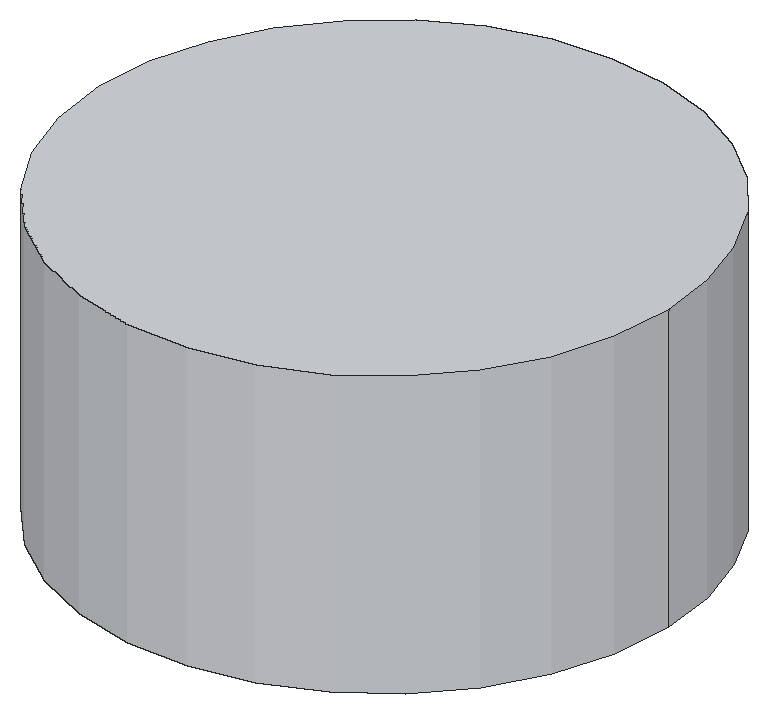
Revit family "08700004", category Generic Models, Revit 2023
Family settings
  Can host rebar = No
  Round Connector Dimension = Use Diameter
  Part Type = Normal
  Work Plane-Based = No
  Always vertical = Yes
  Cut with Voids When Loaded = No
  Maintain Annotation Orientation = No
  Shared = No
  Room Calculation Point = No
Parameters (values of type "Standard")
  URL = "www.rustfriebergh.no"
  Model = "08700004"
  Manufacturer = "Rustfrie Bergh AS"
  Description = "Varmeplate RBVP-4 GN Glass"
  Default Elevation = 0 mm
Reference planes
  plane 1 "Center (Front/Back)": y = 0
  plane 2: z = 0
  plane 3 "Center (Left/Right)": x = 0
Forms (mm)
  Extrusion 1, solid
    sketch origin (537.784, -215.633, -372.916) x (1, 0, 0) y (0, 1, 0)
      loop
        circle (0, 0) r 3.048
    from 0 to -3.048
Dimensions and locks
  aligned and locked: level to plane 2
Connectors
  electrical at (537.784, -215.633, -372.916)
    settings: on Extrusion 1, index 1, voltage 230 V, apparent load 1600 VA, apparent load phase1 0 VA, apparent load phase2 0 VA, apparent load phase3 0 VA, power factor 0, load classification "Other", number of poles 1, system type 30, power factor state 1, is connector primary yes, connector utility no, sub classification motor no, connector description "230V 50/60Hz 6,95A"
